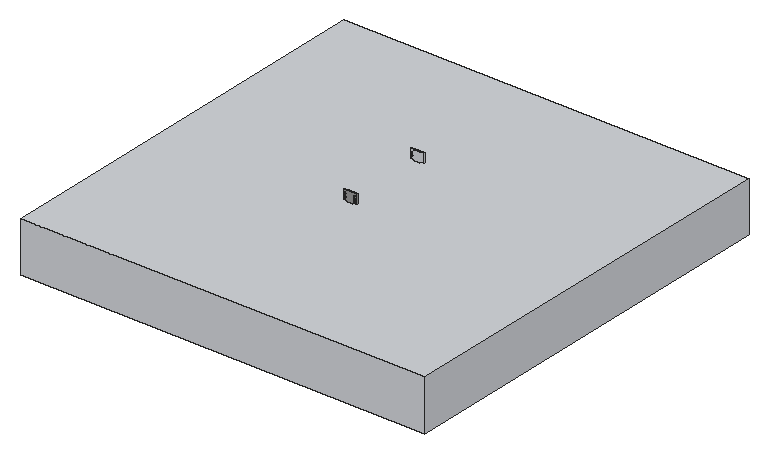
Revit family "Street 24-48 торцевая крышка", category Обобщенные модели, Revit 2017
Family settings
  Основа = Грань
  Может служить основой для арматурных стержней = Нет
  Размер круглого соединителя = Использовать диаметр
  Тип детали = Нормальный
  При загрузке вырезать с полостями = Нет
  Общий = Нет
  Точка расчета площади = Нет
Parameters (values of type "Trade 24-48 торцевая крышка")
  Расстояние до плоскости = 150 mm
  Default Elevation = 1219.2 mm
  Начало профиля = 249.976 mm
  Конец профиля = Начало профиля  # 249.976 mm
  Длина профиля = Начало профиля * 2  # 499.952 mm
Types (2, lengths in mm): name | Расстояние до плоскости | Начало профиля | Конец профиля | Длина профиля
  Trade 24-48 торцевая крышка | 150 | 249.976 | 249.976 | 499.952
  Trade Standart | 250 | 250 | 250 | 500
Reference planes
  plane 1 "По центру (Вперед/Назад)": y = 0
  plane 2: z = 0
  plane 3 "По центру (Влево/Вправо)": x = 0
  plane 4 "Плоскость светильника": z = 150
Forms (mm)
  Extrusion 1, solid
    sketch origin (0, 0, 0) x (1, 0, 0) y (0, 1, 0)
      loop
        line (-1219.2, 1219.2) -> (-1219.2, -1219.2) -> (1219.2, -1219.2) -> (1219.2, 1219.2) -> (-1219.2, 1219.2)
    from 0 to -304.8
  Extrusion 2, solid, material "Алюминий"
    sketch origin (-19.367, -249.976, 150) x (1, 0, 0) y (0, 0, 1)
      loop
        line (-19.221, 0) -> (-19.221, -52.919) -> (-10.867, -52.919)
        arc (-10.867, -52.919) -> (-6.009, -53.518) -> (-1.441, -55.28) r 20
        line (-1.441, -55.28) -> (3.39, -58.299)
        arc (3.39, -58.299) -> (3.801, -58.687) -> (4.03, -59.204) r 1.436
        line (4.03, -59.204) -> (13.43, -59.204)
        arc (13.43, -59.204) -> (14.332, -58.467) -> (15.467, -58.204) r 2.574
        line (15.467, -58.204) -> (19.367, -58.204) -> (23.267, -58.204)
        arc (23.267, -58.204) -> (24.401, -58.467) -> (25.303, -59.204) r 2.574
        line (25.303, -59.204) -> (34.703, -59.204)
        arc (34.703, -59.204) -> (34.933, -58.687) -> (35.344, -58.299) r 1.436
        line (35.344, -58.299) -> (40.175, -55.28)
        arc (40.175, -55.28) -> (44.742, -53.518) -> (49.601, -52.919) r 20
        line (49.601, -52.919) -> (57.954, -52.919) -> (57.954, 0) -> (19.367, 0) -> (-19.221, 0)
    from 0 to 5
  Extrusion 3, solid
    sketch origin (18.233, 249.976, 150) x (-1, 0, 0) y (0, 0, 1)
      loop
        line (56.821, 0) -> (18.233, 0) -> (-20.354, 0) -> (-20.354, -52.919) -> (-12.001, -52.919)
        arc (-12.001, -52.919) -> (-7.142, -53.518) -> (-2.575, -55.28) r 20
        line (-2.575, -55.28) -> (2.256, -58.299)
        arc (2.256, -58.299) -> (2.667, -58.687) -> (2.897, -59.204) r 1.436
        line (2.897, -59.204) -> (12.297, -59.204)
        arc (12.297, -59.204) -> (13.199, -58.467) -> (14.333, -58.204) r 2.574
        line (14.333, -58.204) -> (18.233, -58.204) -> (22.133, -58.204)
        arc (22.133, -58.204) -> (23.268, -58.467) -> (24.17, -59.204) r 2.574
        line (24.17, -59.204) -> (33.57, -59.204)
        arc (33.57, -59.204) -> (33.799, -58.687) -> (34.21, -58.299) r 1.436
        line (34.21, -58.299) -> (39.041, -55.28)
        arc (39.041, -55.28) -> (43.609, -53.518) -> (48.467, -52.919) r 20
        line (48.467, -52.919) -> (56.821, -52.919) -> (56.821, 0)
    from 0 to 5
  Extrusion 4, solid
    sketch origin (0, -398.223, 150) x (0, -1, 0) y (1, 0, 0)
      loop
        line (-149.081, 18.233) -> (-149.081, -19.367) -> (-148.247, -19.367) -> (-148.247, 18.233) -> (-149.081, 18.233)
      loop
        line (-648.199, -19.367) -> (-647.405, -19.367) -> (-647.405, 18.233) -> (-648.199, 18.233) -> (-648.199, -19.367)
    from 0 to -1
  Extrusion 5, void
    sketch origin (-19.367, -254.976, 150) x (-1, 0, 0) y (0, 0, 1)
      loop
        line (9.318, -51.37) -> (15.247, -51.37)
        arc (15.247, -51.37) -> (16.574, -50.692) -> (16.801, -49.218) r 1.637
        arc (16.801, -49.218) -> (16.329, -48.024) -> (15.725, -46.891) r 11.359
        line (15.725, -46.891) -> (4.276, -33.432)
        arc (4.276, -33.432) -> (2.615, -32.996) -> (1.633, -34.404) r 1.5
        line (1.633, -34.404) -> (1.633, -52.906)
        arc (1.633, -52.906) -> (5.4, -51.758) -> (9.318, -51.37) r 20
      loop
        arc (14.324, -39.155) -> (16.107, -39.761) -> (17.221, -38.242) r 1.592
        line (17.221, -38.242) -> (17.221, -10.29)
        arc (17.221, -10.29) -> (14.944, -10.099) -> (12.739, -9.499) r 12.546
        arc (12.739, -9.499) -> (11.447, -11.189) -> (9.991, -12.739) r 21
        arc (9.991, -12.739) -> (8.685, -13.894) -> (7.288, -14.938) r 21
        arc (7.288, -14.938) -> (4.877, -16.36) -> (2.299, -17.45) r 21
        arc (2.299, -17.45) -> (1.025, -18.749) -> (1.295, -20.548) r 2.04
        line (1.295, -20.548) -> (14.324, -39.155)
      loop
        arc (-48.051, -51.37) -> (-44.133, -51.758) -> (-40.367, -52.906) r 20
        line (-40.367, -52.906) -> (-40.367, -34.404)
        arc (-40.367, -34.404) -> (-41.349, -32.996) -> (-43.009, -33.432) r 1.5
        line (-43.009, -33.432) -> (-54.458, -46.891)
        arc (-54.458, -46.891) -> (-55.062, -48.024) -> (-55.534, -49.218) r 11.359
        arc (-55.534, -49.218) -> (-55.308, -50.692) -> (-53.98, -51.37) r 1.637
        line (-53.98, -51.37) -> (-48.051, -51.37)
      loop
        line (-53.057, -39.155) -> (-40.028, -20.548)
        arc (-40.028, -20.548) -> (-39.759, -18.749) -> (-41.032, -17.45) r 2.04
        arc (-41.032, -17.45) -> (-43.611, -16.36) -> (-46.022, -14.938) r 21
        arc (-46.022, -14.938) -> (-47.419, -13.894) -> (-48.725, -12.739) r 21
        arc (-48.725, -12.739) -> (-50.181, -11.189) -> (-51.473, -9.499) r 21
        arc (-51.473, -9.499) -> (-53.677, -10.099) -> (-55.954, -10.29) r 12.546
        line (-55.954, -10.29) -> (-55.954, -38.242)
        arc (-55.954, -38.242) -> (-54.841, -39.761) -> (-53.057, -39.155) r 1.592
    from 0 to 1
  Extrusion 6, void
    sketch origin (18.233, 254.976, 150) x (1, 0, 0) y (0, 0, 1)
      loop
        arc (-46.904, -51.384) -> (-42.986, -51.772) -> (-39.219, -52.919) r 20
        line (-39.219, -52.919) -> (-39.219, -34.418)
        arc (-39.219, -34.418) -> (-40.202, -33.01) -> (-41.862, -33.446) r 1.5
        line (-41.862, -33.446) -> (-53.311, -46.905)
        arc (-53.311, -46.905) -> (-53.915, -48.038) -> (-54.387, -49.232) r 11.359
        arc (-54.387, -49.232) -> (-54.16, -50.705) -> (-52.833, -51.384) r 1.637
        line (-52.833, -51.384) -> (-46.904, -51.384)
      loop
        line (-51.91, -39.169) -> (-38.881, -20.562)
        arc (-38.881, -20.562) -> (-38.611, -18.763) -> (-39.885, -17.464) r 2.04
        arc (-39.885, -17.464) -> (-42.463, -16.374) -> (-44.874, -14.952) r 21
        arc (-44.874, -14.952) -> (-46.271, -13.908) -> (-47.577, -12.753) r 21
        arc (-47.577, -12.753) -> (-49.033, -11.203) -> (-50.325, -9.513) r 21
        arc (-50.325, -9.513) -> (-52.53, -10.113) -> (-54.807, -10.303) r 12.546
        line (-54.807, -10.303) -> (-54.807, -38.256)
        arc (-54.807, -38.256) -> (-53.693, -39.775) -> (-51.91, -39.169) r 1.592
      loop
        line (10.465, -51.384) -> (16.394, -51.384)
        arc (16.394, -51.384) -> (17.722, -50.705) -> (17.948, -49.232) r 1.637
        arc (17.948, -49.232) -> (17.476, -48.038) -> (16.872, -46.905) r 11.359
        line (16.872, -46.905) -> (5.423, -33.446)
        arc (5.423, -33.446) -> (3.763, -33.01) -> (2.781, -34.418) r 1.5
        line (2.781, -34.418) -> (2.781, -52.919)
        arc (2.781, -52.919) -> (6.547, -51.772) -> (10.465, -51.384) r 20
      loop
        arc (15.471, -39.169) -> (17.254, -39.775) -> (18.368, -38.256) r 1.592
        line (18.368, -38.256) -> (18.368, -10.303)
        arc (18.368, -10.303) -> (16.091, -10.113) -> (13.887, -9.513) r 12.546
        arc (13.887, -9.513) -> (12.595, -11.203) -> (11.138, -12.753) r 21
        arc (11.138, -12.753) -> (9.833, -13.908) -> (8.435, -14.952) r 21
        arc (8.435, -14.952) -> (6.025, -16.374) -> (3.446, -17.464) r 21
        arc (3.446, -17.464) -> (2.173, -18.763) -> (2.442, -20.562) r 2.04
        line (2.442, -20.562) -> (15.471, -39.169)
    from 0 to 1
Cuts and joins
  Extrusion 5 cuts Extrusion 2
  Extrusion 6 cuts Extrusion 3
Dimensions and locks
  "Расстояние до плоскости": plane 4 "Плоскость светильника" to Extrusion 1
  "Конец профиля": plane 1 "По центру (Вперед/Назад)" to Extrusion 4
  "Начало профиля": Extrusion 4 to plane 1 "По центру (Вперед/Назад)"
  aligned and locked: plane 2 to Extrusion 1
  aligned and locked: level to Extrusion 1
Automatic sketch dimensions
  Extrusion 1 sketch curve to Extrusion 1 sketch curve = 2438.4 mm  (x2)
  Extrusion 3 sketch curve to Extrusion 3 sketch curve = 4.07 mm
  Extrusion 3 sketch curve to Extrusion 3 sketch curve = 0.761 mm
  Extrusion 3 sketch curve to Extrusion 3 sketch curve = 0.641 mm  (x2)
  Extrusion 3 sketch curve to Extrusion 3 sketch curve = 9.4 mm  (x2)
  Extrusion 3 sketch curve to Extrusion 3 sketch curve = 2.037 mm  (x2)
  Extrusion 3 sketch curve to Extrusion 3 sketch curve = 3.9 mm  (x2)
  Extrusion 4 to Extrusion 3 sketch curve = 58.299 mm
  Extrusion 3 sketch curve to Extrusion 3 sketch curve = 1.402 mm
  Extrusion 3 sketch curve to Extrusion 3 sketch curve = 4.831 mm
  Extrusion 4 to Extrusion 3 sketch curve = 72.919 mm  (x2)
  Extrusion 3 sketch curve to Extrusion 3 sketch curve = 2.479 mm
  Extrusion 3 sketch curve to Extrusion 3 sketch curve = 0 mm
  Extrusion 3 sketch curve to Extrusion 3 sketch curve = 1.261 mm
  Extrusion 3 sketch curve to Extrusion 3 sketch curve = 1.218 mm
  Extrusion 3 sketch curve to Extrusion 3 sketch curve = 3.018 mm  (x2)
  Extrusion 4 to Extrusion 2 sketch curve = 52.919 mm
  Extrusion 4 to Extrusion 2 sketch curve = 72.919 mm  (x2)
  Extrusion 2 sketch curve to Extrusion 2 sketch curve = 8.353 mm  (x2)
  Extrusion 4 to Extrusion 2 sketch curve = 55.28 mm
  Extrusion 2 sketch curve to Extrusion 2 sketch curve = 4.07 mm
  Extrusion 4 to Extrusion 2 sketch curve = 58.299 mm  (x2)
  Extrusion 2 sketch curve to Extrusion 2 sketch curve = 0.761 mm  (x2)
  Extrusion 2 sketch curve to Extrusion 2 sketch curve = 0.641 mm  (x2)
  Extrusion 2 sketch curve to Extrusion 2 sketch curve = 9.4 mm  (x2)
  Extrusion 2 sketch curve to Extrusion 2 sketch curve = 2.037 mm  (x2)
  Extrusion 2 sketch curve to Extrusion 2 sketch curve = 3.9 mm  (x2)
  Extrusion 2 sketch curve to Extrusion 2 sketch curve = 4.831 mm
  Extrusion 2 sketch curve to Extrusion 2 sketch curve = 2.479 mm
  Extrusion 2 sketch curve to Extrusion 2 sketch curve = 0 mm
  Extrusion 2 sketch curve to Extrusion 2 sketch curve = 1.218 mm
  Extrusion 2 sketch curve to Extrusion 2 sketch curve = 3.018 mm
  Extrusion 3 sketch curve to Extrusion 4 = 0 mm
  Extrusion 2 sketch curve to Extrusion 4 = 19.221 mm
  Extrusion 3 sketch curve to Extrusion 4 = 20.354 mm
  Extrusion 3 sketch curve to Extrusion 4 = 12.001 mm
  Extrusion 4 sketch curve to plane 3 "По центру (Влево/Вправо)" = 19.367 mm  (x2)
  Extrusion 4 sketch curve to plane 1 "По центру (Вперед/Назад)" = 249.976 mm
  Extrusion 4 sketch curve to Extrusion 4 sketch curve = 0.794 mm
  plane 1 "По центру (Вперед/Назад)" to Extrusion 4 sketch curve = 249.142 mm
  Extrusion 4 sketch curve to Extrusion 4 sketch curve = 0.834 mm
  plane 3 "По центру (Влево/Вправо)" to Extrusion 4 sketch curve = 18.233 mm  (x2)
  Extrusion 2 sketch curve to Extrusion 4 = 0 mm
  Extrusion 2 sketch curve to Extrusion 4 = 18.233 mm
  Extrusion 4 to Extrusion 2 sketch curve = 12.001 mm
  Extrusion 3 sketch curve to Extrusion 4 = 2.575 mm
  Extrusion 4 to Extrusion 3 sketch curve = 18.233 mm
  Extrusion 3 sketch curve to Extrusion 3 sketch curve = 9.426 mm
  Extrusion 3 sketch curve to Extrusion 3 sketch curve = 8.353 mm
  Extrusion 5 sketch curve to Extrusion 5 sketch curve = 0 mm  (x13)
  Extrusion 2 to Extrusion 5 sketch curve = 2 mm  (x2)
  Extrusion 2 to Extrusion 5 sketch curve = 2.098 mm  (x2)
  Extrusion 2 to Extrusion 5 sketch curve = 3.496 mm
  Extrusion 5 sketch curve to Extrusion 5 sketch curve = 1.592 mm
  Extrusion 2 to Extrusion 5 sketch curve = 1.549 mm  (x2)
  Extrusion 2 to Extrusion 5 sketch curve = 3.974 mm  (x2)
  Extrusion 5 sketch curve to Extrusion 5 sketch curve = 1.304 mm  (x2)
  Extrusion 2 to Extrusion 5 sketch curve = 9.903 mm
  Extrusion 2 to Extrusion 5 sketch curve = 0.128 mm  (x2)
  Extrusion 5 sketch curve to Extrusion 5 sketch curve = 3.299 mm  (x2)
  Extrusion 5 sketch curve to Extrusion 5 sketch curve = 10.048 mm
  Extrusion 5 sketch curve to Extrusion 5 sketch curve = 1.143 mm  (x2)
  Extrusion 5 sketch curve to Extrusion 5 sketch curve = 1.31 mm
  Extrusion 2 to Extrusion 5 sketch curve = 0.014 mm
  Extrusion 5 sketch curve to Extrusion 5 sketch curve = 4.386 mm  (x2)
  Extrusion 5 sketch curve to Extrusion 5 sketch curve = 1.671 mm  (x2)
  Extrusion 5 sketch curve to Extrusion 2 = 2.396 mm  (x2)
  Extrusion 5 sketch curve to Extrusion 5 sketch curve = 21.689 mm
  Extrusion 2 to Extrusion 5 sketch curve = 23.787 mm
  Extrusion 2 to Extrusion 5 sketch curve = 17.926 mm
  Extrusion 5 sketch curve to Extrusion 5 sketch curve = 0.339 mm
  Extrusion 5 sketch curve to Extrusion 5 sketch curve = 1.5 mm
  Extrusion 2 to Extrusion 5 sketch curve = 4.897 mm
  Extrusion 5 sketch curve to Extrusion 5 sketch curve = 0.478 mm
  Extrusion 5 sketch curve to Extrusion 2 = 12.166 mm
  Extrusion 5 sketch curve to Extrusion 5 sketch curve = 1.637 mm  (x2)
  Extrusion 5 sketch curve to Extrusion 5 sketch curve = 2.327 mm  (x2)
  Extrusion 5 sketch curve to Extrusion 5 sketch curve = 7.735 mm  (x2)
  Extrusion 5 sketch curve to Extrusion 5 sketch curve = 4.752 mm  (x2)
  Extrusion 5 sketch curve to Extrusion 5 sketch curve = 12.884 mm  (x2)
  Extrusion 5 sketch curve to Extrusion 5 sketch curve = 1.17 mm  (x2)
  Extrusion 2 to Extrusion 5 sketch curve = 10.29 mm  (x2)
  Extrusion 5 sketch curve to Extrusion 2 = 2.256 mm  (x2)
  Extrusion 5 sketch curve to Extrusion 5 sketch curve = 4.481 mm
  Extrusion 5 sketch curve to Extrusion 5 sketch curve = 2.748 mm
  Extrusion 5 sketch curve to Extrusion 5 sketch curve = 2.703 mm  (x2)
  Extrusion 5 sketch curve to Extrusion 5 sketch curve = 4.989 mm
  Extrusion 6 sketch curve to Extrusion 6 sketch curve = 0 mm  (x13)
  Extrusion 6 sketch curve to Extrusion 3 = 0 mm  (x2)
  Extrusion 3 to Extrusion 6 sketch curve = 2.014 mm
  Extrusion 3 to Extrusion 6 sketch curve = 2.112 mm
  Extrusion 3 to Extrusion 6 sketch curve = 3.51 mm
  Extrusion 6 sketch curve to Extrusion 6 sketch curve = 1.592 mm  (x2)
  Extrusion 6 sketch curve to Extrusion 6 sketch curve = 0.478 mm  (x2)
  Extrusion 6 sketch curve to Extrusion 6 sketch curve = 1.304 mm  (x2)
  Extrusion 3 to Extrusion 6 sketch curve = 9.917 mm
  Extrusion 3 to Extrusion 6 sketch curve = 0.115 mm  (x2)
  Extrusion 6 sketch curve to Extrusion 6 sketch curve = 3.299 mm
  Extrusion 6 sketch curve to Extrusion 6 sketch curve = 10.048 mm
  Extrusion 6 sketch curve to Extrusion 6 sketch curve = 1.143 mm  (x2)
  Extrusion 6 sketch curve to Extrusion 6 sketch curve = 1.31 mm
  Extrusion 6 sketch curve to Extrusion 6 sketch curve = 1.5 mm  (x2)
  Extrusion 6 sketch curve to Extrusion 6 sketch curve = 1.671 mm  (x2)
  Extrusion 6 sketch curve to Extrusion 3 = 2.382 mm  (x2)
  Extrusion 6 sketch curve to Extrusion 6 sketch curve = 21.689 mm
  Extrusion 3 to Extrusion 6 sketch curve = 23.773 mm
  Extrusion 3 to Extrusion 6 sketch curve = 17.912 mm
  Extrusion 6 sketch curve to Extrusion 6 sketch curve = 0.339 mm
  Extrusion 6 sketch curve to Extrusion 6 sketch curve = 4.386 mm
  Extrusion 3 to Extrusion 6 sketch curve = 9.889 mm
  Extrusion 3 to Extrusion 6 sketch curve = 4.883 mm
  Extrusion 3 to Extrusion 6 sketch curve = 3.96 mm
  Extrusion 3 to Extrusion 6 sketch curve = 2.084 mm
  Extrusion 6 sketch curve to Extrusion 3 = 12.18 mm  (x2)
  Extrusion 6 sketch curve to Extrusion 6 sketch curve = 1.637 mm  (x2)
  Extrusion 6 sketch curve to Extrusion 6 sketch curve = 2.327 mm  (x2)
  Extrusion 6 sketch curve to Extrusion 6 sketch curve = 7.735 mm  (x2)
  Extrusion 6 sketch curve to Extrusion 6 sketch curve = 4.752 mm  (x2)
  Extrusion 6 sketch curve to Extrusion 6 sketch curve = 12.884 mm  (x2)
  Extrusion 6 sketch curve to Extrusion 6 sketch curve = 1.17 mm  (x2)
  Extrusion 3 to Extrusion 6 sketch curve = 10.303 mm  (x2)
  Extrusion 6 sketch curve to Extrusion 3 = 2.242 mm  (x2)
  Extrusion 6 sketch curve to Extrusion 6 sketch curve = 4.481 mm
  Extrusion 6 sketch curve to Extrusion 6 sketch curve = 2.748 mm
  Extrusion 6 sketch curve to Extrusion 6 sketch curve = 2.703 mm  (x2)
  Extrusion 6 sketch curve to Extrusion 6 sketch curve = 4.989 mm
